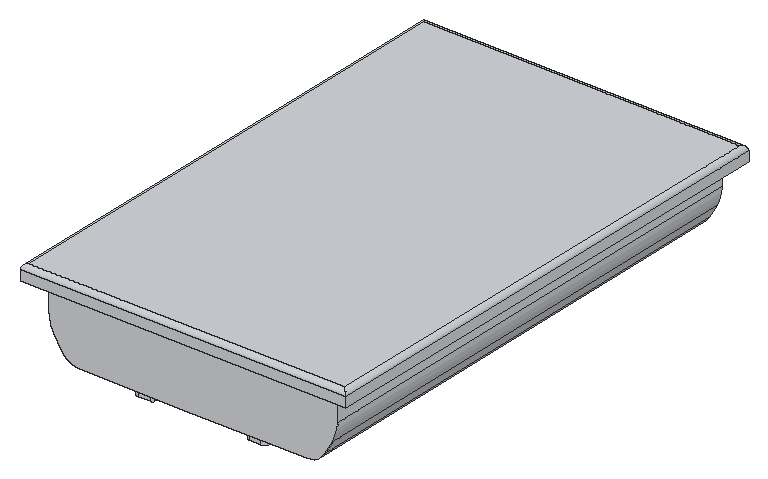
Revit family "Shower-Interface-KOHLER-DTV-K-99693", category Specialty Equipment, host Face, Revit 2015
Parameters (values of type "NA-Stainless Steel")
  Width = 3 5/16"  # constant formula
  WaterSense Certified = 1 = 0  # no
  URL = "https://www.us.kohler.com/us/"
  Product Page URL = "http://www.us.kohler.com/us/catalog/productDetails.jsp?productNumber=99693-P"
  Product Name = "DTV+"  # constant formula
  Product Documentation Link = "https://www.us.kohler.com/webassets/kpna/catalog/pdf/en/K-99693-P_spec.pdf"
  Model = "K-99693-P-NA"  # constant formula
  Material = "Premium Metal Construction"  # constant formula
  MasterFormat 2004 = "10.28.13"  # constant formula
  MasterFormat 1995 = "10820"  # constant formula
  Manufacturer Address = "444 Highland Dr, Kohler, WI 53044"  # constant formula
  Manufacturer = "KOHLER Co."  # constant formula
  Length = 1 1/16"  # constant formula
  Height = 5 1/8"  # constant formula
  Finish = Kohler-Metal-NA-Stainless
  Environmental Product Declaration = ""
  Description = "Digital Interface"  # constant formula
  Default Elevation = 42"
  Declare Label = ""
  Date Modified = "10/22/2019"  # constant formula
  Date Created = "10/22/2019"  # constant formula
  Copyright = "Copyright KOHLER Co."  # constant formula
  Contact Us = "https://www.us.kohler.com/us/static/contact.jsp"
  Assembly Code = "C1030200"
  ADA Compliant = 1 = 0  # no
Reference planes (in)
  plane 1 "Center (Front/Back)": y = 0
  plane 2: z = 0
  plane 3 "Center (Left/Right)": x = 0
  plane 4: y = 2.5625
  plane 5: y = -2.5625
  plane 6: x = -1.65625
  plane 7: x = 1.65625
  plane 8: z = 0.6875
  plane 9: z = -0.375
  plane 10: x = -1.46875
  plane 11: x = 1.46875
Forms (in)
  Extrusion 1, void
    sketch origin (0, 0, 0) x (1, 0, 0) y (0, 1, 0)
      loop
        line (-1.16013, 2.45709) -> (-1.16013, -2.43264) -> (1.16013, -2.43264) -> (1.16013, 2.45709) -> (-1.16013, 2.45709)
    from -0.44769 to 0.6875
Dimensions and locks (in)
  "Width": plane 6 to plane 7
  "Height": plane 5 to plane 4
  "Length": plane 8 to plane 9
  locked: plane 11 to plane 10 at 2.9375
  aligned and locked: plane 2 to host face
  aligned and locked: level to host face
Automatic sketch dimensions
  host sketch curve to host sketch curve = 96"  (x2)
  plane 5 to Extrusion 1 sketch curve = 0.12986"
  plane 10 to Extrusion 1 sketch curve = 0.30862"
  plane 11 to Extrusion 1 sketch curve = 0.30862"
  plane 4 to Extrusion 1 sketch curve = 0.10541"
Nested families (in)
  nested 1: "K-99693" at (0, 0, 0), type "K-99693"
Definition of nested family "K-99693"
  Parameters (values of type "K-99693")
    Material = none
  Reference planes (in)
    plane 1 "Center (Front/Back)": y = 0
    plane 2: z = 0
    plane 3 "Center (Left/Right)": x = 0
    plane 4: y = 2.5625
    plane 5: y = -2.5625
    plane 6: x = 1.65625
    plane 7: x = -1.65625
    plane 8: z = 0.6875
    plane 9: z = -0.375
    plane 10: x = 1.46875
    plane 11: x = -1.46875
  Forms (in)
    Sweep 1, solid, material <- "Material", detail levels medium+fine
      path origin (0, 0, -0.375) x (1, 0, 0) y (0, 1, 0)
        loop
          line (-1.65625, 2.5625) -> (-1.65625, -2.5625) -> (1.65625, -2.5625) -> (1.65625, 2.5625) -> (-1.65625, 2.5625)
      profile origin (0, 2.5625, -0.375) x (0, 1, 0) y (0, 0, 1)
        loop
          line (0, 1.0625) -> (0, 1.16321)
          arc (0, 1.16321) -> (-0.01487, 1.19912) -> (-0.05078, 1.214) r 0.05078
          line (-0.05078, 1.214) -> (-0.10187, 1.214) -> (-0.10187, 1.0625) -> (0, 1.0625)
    Extrusion 2, solid, material <- "Material", detail levels medium+fine
      sketch origin (0, 0, -0.375) x (1, 0, 0) y (0, 1, 0)
        loop
          line (-1.55438, -2.46063) -> (1.55438, -2.46063) -> (1.55438, 2.46063) -> (-1.55438, 2.46063) -> (-1.55438, -2.46063)
      from 1.0625 to 1.214
    Extrusion 3, solid, material <- "Material", detail levels medium+fine
      sketch origin (0, 0, -0.375) x (1, 0, 0) y (0, 0, 1)
        loop
          line (0, 0.375) -> (1.15291, 0.375)
          arc (1.15291, 0.375) -> (1.26004, 0.40369) -> (1.33852, 0.48207) r 0.21441
          line (1.33852, 0.48207) -> (1.41698, 0.61776)
          arc (1.41698, 0.61776) -> (1.45534, 0.71021) -> (1.46842, 0.80945) r 0.3829
          line (1.46842, 0.80945) -> (1.46875, 1.03162)
          arc (1.46875, 1.03162) -> (1.47779, 1.05346) -> (1.49963, 1.0625) r 0.03088
          line (1.49963, 1.0625) -> (-1.49963, 1.0625)
          arc (-1.49963, 1.0625) -> (-1.47779, 1.05346) -> (-1.46842, 1.03162) r 0.03088
          line (-1.46842, 1.03162) -> (-1.46842, 0.80945)
          arc (-1.46842, 0.80945) -> (-1.45534, 0.71021) -> (-1.41698, 0.61776) r 0.3829
          line (-1.41698, 0.61776) -> (-1.33852, 0.48207)
          arc (-1.33852, 0.48207) -> (-1.26004, 0.40369) -> (-1.15291, 0.375) r 0.21441
          line (-1.15291, 0.375) -> (0, 0.375)
      from -2.45709 to 2.43264
    Extrusion 4, solid, material <- "Material", detail levels medium+fine
      sketch origin (0, -0.17268, 0.35061) x (1, 0, 0) y (0, 0.275637, 0.961262)
        loop
          line (0.89107, 0.72876) -> (0.89101, 0.92543)
          arc (0.89101, 0.92543) -> (0.87907, 0.95424) -> (0.85025, 0.96617) r 0.04076
          line (0.85025, 0.96617) -> (0.74881, 0.96617)
          arc (0.74881, 0.96617) -> (0.72066, 0.95451) -> (0.70899, 0.92637) r 0.03982
          line (0.70899, 0.92637) -> (0.70893, 0.7457)
          arc (0.70893, 0.7457) -> (0.71365, 0.69874) -> (0.72764, 0.65367) r 0.23546
          line (0.72764, 0.65367) -> (0.76049, 0.65367)
          arc (0.76049, 0.65367) -> (0.77514, 0.68995) -> (0.78013, 0.72876) r 0.15318
          line (0.78013, 0.72876) -> (0.78008, 0.89415) -> (0.81898, 0.89415) -> (0.81893, 0.72876)
          arc (0.81893, 0.72876) -> (0.82392, 0.68995) -> (0.83857, 0.65367) r 0.15318
          line (0.83857, 0.65367) -> (0.87143, 0.65367)
          arc (0.87143, 0.65367) -> (0.88608, 0.68995) -> (0.89107, 0.72876) r 0.15318
      from -2.53557 to -2.43545
    Extrusion 5, solid, material <- "Material", detail levels medium+fine
      sketch origin (0, -0.17268, 0.35061) x (-1, 0, 0) y (0, -0.275637, -0.961262)
        loop
          arc (0.89107, -0.72876) -> (0.88608, -0.68995) -> (0.87143, -0.65367) r 0.15318
          line (0.87143, -0.65367) -> (0.83857, -0.65367)
          arc (0.83857, -0.65367) -> (0.82392, -0.68995) -> (0.81893, -0.72876) r 0.15318
          line (0.81893, -0.72876) -> (0.81898, -0.89415) -> (0.78008, -0.89415) -> (0.78013, -0.72876)
          arc (0.78013, -0.72876) -> (0.77514, -0.68995) -> (0.76049, -0.65367) r 0.15318
          line (0.76049, -0.65367) -> (0.72764, -0.65367)
          arc (0.72764, -0.65367) -> (0.71365, -0.69874) -> (0.70893, -0.7457) r 0.23546
          line (0.70893, -0.7457) -> (0.70899, -0.92637)
          arc (0.70899, -0.92637) -> (0.72066, -0.95451) -> (0.74881, -0.96617) r 0.03982
          line (0.74881, -0.96617) -> (0.85025, -0.96617)
          arc (0.85025, -0.96617) -> (0.87907, -0.95424) -> (0.89101, -0.92543) r 0.04076
          line (0.89101, -0.92543) -> (0.89107, -0.72876)
      from -2.53557 to -2.43545
    Revolve 6, solid, material <- "Material", detail levels medium+fine
      sketch origin (0, 0, -0.375) x (0, 1, 0) y (0, 0, 1)
        loop
          line (0, 0) -> (0, 0.375) -> (-0.5269, 0.375) -> (-0.5269, 0.18624)
          arc (-0.5269, 0.18624) -> (-0.52386, 0.17095) -> (-0.5152, 0.15798) r 0.03997
          line (-0.5152, 0.15798) -> (-0.487, 0.12979)
          arc (-0.487, 0.12979) -> (-0.47395, 0.12106) -> (-0.45855, 0.118) r 0.04025
          line (-0.45855, 0.118) -> (-0.39903, 0.118)
          arc (-0.39903, 0.118) -> (-0.38369, 0.11165) -> (-0.37734, 0.09631) r 0.02169
          line (-0.37734, 0.09631) -> (-0.37734, 0.02076)
          arc (-0.37734, 0.02076) -> (-0.37126, 0.00608) -> (-0.35657, 0) r 0.02076
          line (-0.35657, 0) -> (0, 0)
        axis (0, 0.375) -> (0, 0)
      angle from 0 to 360
    Extrusion 7, void
      sketch origin (0, 0, -0.375) x (1, 0, 0) y (0, 1, 0)
        loop
          line (0.1875, -0.96879) -> (-0.1875, -0.96879)
          arc (-0.1875, -0.96879) -> (-0.44371, -1.225) -> (-0.1875, -1.48121) r 0.25621
          line (-0.1875, -1.48121) -> (0.1875, -1.48121)
          arc (0.1875, -1.48121) -> (0.44371, -1.225) -> (0.1875, -0.96879) r 0.25621
        loop
          line (-0.25621, 1.462) -> (-0.25621, 1.087)
          arc (-0.25621, 1.087) -> (0, 0.83079) -> (0.25621, 1.087) r 0.25621
          line (0.25621, 1.087) -> (0.25621, 1.462)
          arc (0.25621, 1.462) -> (0, 1.71821) -> (-0.25621, 1.462) r 0.25621
      from 0.30601 to 0.455
    Extrusion 8, solid, material <- "Material", detail levels medium+fine
      sketch origin (0, 0, -0.375) x (1, 0, 0) y (0, 1, 0)
        loop
          line (0.67249, -2.29904) -> (0.67249, -1.82564)
          arc (0.67249, -1.82564) -> (0.6499, -1.7711) -> (0.59536, -1.74851) r 0.07713
          line (0.59536, -1.74851) -> (-0.59436, -1.74851)
          arc (-0.59436, -1.74851) -> (-0.64961, -1.77139) -> (-0.67249, -1.82664) r 0.07813
          line (-0.67249, -1.82664) -> (-0.67249, -2.30082)
          arc (-0.67249, -2.30082) -> (-0.65874, -2.33401) -> (-0.62556, -2.34776) r 0.04693
          line (-0.62556, -2.34776) -> (-0.50404, -2.34776)
          arc (-0.50404, -2.34776) -> (-0.48509, -2.33991) -> (-0.47724, -2.32096) r 0.0268
          line (-0.47724, -2.32096) -> (-0.47724, -1.99411)
          arc (-0.47724, -1.99411) -> (-0.48541, -1.97441) -> (-0.50511, -1.96624) r 0.02787
          line (-0.50511, -1.96624) -> (-0.55899, -1.96624)
          arc (-0.55899, -1.96624) -> (-0.57402, -1.96002) -> (-0.58024, -1.94499) r 0.02126
          line (-0.58024, -1.94499) -> (-0.58024, -1.84745)
          arc (-0.58024, -1.84745) -> (-0.57008, -1.82292) -> (-0.54555, -1.81276) r 0.03469
          line (-0.54555, -1.81276) -> (0.54654, -1.81276)
          arc (0.54654, -1.81276) -> (0.57107, -1.82292) -> (0.58124, -1.84745) r 0.03469
          line (0.58124, -1.84745) -> (0.58124, -1.94499)
          arc (0.58124, -1.94499) -> (0.57501, -1.96002) -> (0.55998, -1.96624) r 0.02126
          line (0.55998, -1.96624) -> (0.50611, -1.96624)
          arc (0.50611, -1.96624) -> (0.4864, -1.97441) -> (0.47824, -1.99411) r 0.02787
          line (0.47824, -1.99411) -> (0.47824, -2.32096)
          arc (0.47824, -2.32096) -> (0.48608, -2.33991) -> (0.50503, -2.34776) r 0.0268
          line (0.50503, -2.34776) -> (0.62377, -2.34776)
          arc (0.62377, -2.34776) -> (0.65822, -2.33349) -> (0.67249, -2.29904) r 0.04871
      from 0.275 to 0.375
    Extrusion 9, solid, material <- "Material", detail levels coarse
      sketch origin (0, 0, 0) x (1, 0, 0) y (0, 1, 0)
        loop
          line (-1.65625, 2.5625) -> (-1.65625, -2.5625) -> (1.65625, -2.5625) -> (1.65625, 2.5625) -> (-1.65625, 2.5625)
      from 0 to 0.83912
    Extrusion 10, solid, material <- "Material", detail levels coarse
      sketch origin (0, 0, 0) x (1, 0, 0) y (0, 1, 0)
        loop
          circle (0, 0) r 0.5269
      from -0.37632 to 0
  Cuts and joins
    Extrusion 7 cuts Extrusion 3
    joined: Sweep 1, Extrusion 2
    joined: Extrusion 9, Extrusion 10
  Lines and regions (in)
    Masking region 1
      outline origin (0, 0, 0) x (1, 0, 0) y (0, 1, 0)
        loop
          arc (-1.62574, 2.5625) -> (-1.64731, 2.55356) -> (-1.65625, 2.53199) r 0.03051
          line (-1.65625, 2.53199) -> (-1.65625, -2.53125)
          arc (-1.65625, -2.53125) -> (-1.6471, -2.55335) -> (-1.625, -2.5625) r 0.03125
          line (-1.625, -2.5625) -> (1.625, -2.5625)
          arc (1.625, -2.5625) -> (1.6471, -2.55335) -> (1.65625, -2.53125) r 0.03125
          line (1.65625, -2.53125) -> (1.65625, 2.53125)
          arc (1.65625, 2.53125) -> (1.6471, 2.55335) -> (1.625, 2.5625) r 0.03125
          line (1.625, 2.5625) -> (-1.62574, 2.5625)
    Masking region 2
      outline origin (0, 0, -0.375) x (0, 1, 0) y (0, 0, 1)
        loop
          arc (2.5625, 1.16616) -> (2.54849, 1.19998) -> (2.51466, 1.214) r 0.04784
          line (2.51466, 1.214) -> (-2.51549, 1.214)
          arc (-2.51549, 1.214) -> (-2.54873, 1.20023) -> (-2.5625, 1.16699) r 0.04701
          line (-2.5625, 1.16699) -> (-2.5625, 1.0625) -> (-2.43264, 1.0625) -> (-2.43264, 0.375) -> (-2.34776, 0.375) -> (-2.34776, 0.275) -> (-1.74851, 0.275) -> (-1.74851, 0.375) -> (-0.5269, 0.375) -> (-0.5269, 0.18669)
          arc (-0.5269, 0.18669) -> (-0.52373, 0.17074) -> (-0.5147, 0.15722) r 0.04167
          line (-0.5147, 0.15722) -> (-0.48761, 0.13013)
          arc (-0.48761, 0.13013) -> (-0.47424, 0.1212) -> (-0.45847, 0.11806) r 0.04121
          line (-0.45847, 0.11806) -> (-0.40016, 0.11806)
          arc (-0.40016, 0.11806) -> (-0.38404, 0.11139) -> (-0.37736, 0.09527) r 0.02279
          line (-0.37736, 0.09527) -> (-0.37736, 0.02099)
          arc (-0.37736, 0.02099) -> (-0.37121, 0.00615) -> (-0.35637, 0) r 0.02099
          line (-0.35637, 0) -> (0, 0) -> (0.35637, 0)
          arc (0.35637, 0) -> (0.37121, 0.00615) -> (0.37736, 0.02099) r 0.02099
          line (0.37736, 0.02099) -> (0.37736, 0.09527)
          arc (0.37736, 0.09527) -> (0.38404, 0.11139) -> (0.40016, 0.11806) r 0.02279
          line (0.40016, 0.11806) -> (0.45847, 0.11806)
          arc (0.45847, 0.11806) -> (0.47424, 0.1212) -> (0.48761, 0.13013) r 0.04121
          line (0.48761, 0.13013) -> (0.5147, 0.15722)
          arc (0.5147, 0.15722) -> (0.52373, 0.17074) -> (0.5269, 0.18669) r 0.04167
          line (0.5269, 0.18669) -> (0.5269, 0.375) -> (2.45709, 0.375) -> (2.45709, 0.69779) -> (2.53098, 0.95546) -> (2.45709, 0.97673) -> (2.45709, 1.0625) -> (2.5625, 1.0625) -> (2.5625, 1.16616)
    Masking region 3
      outline origin (0, 0, -0.375) x (1, 0, 0) y (0, 0, 1)
        loop
          line (1.65625, 1.0625) -> (1.65625, 1.16273)
          arc (1.65625, 1.16273) -> (1.64129, 1.19884) -> (1.60519, 1.21379) r 0.05106
          line (1.60519, 1.21379) -> (0, 1.21379) -> (-1.60519, 1.21379)
          arc (-1.60519, 1.21379) -> (-1.64129, 1.19884) -> (-1.65625, 1.16273) r 0.05106
          line (-1.65625, 1.16273) -> (-1.65625, 1.0625) -> (-1.5, 1.0625)
          arc (-1.5, 1.0625) -> (-1.4779, 1.05335) -> (-1.46875, 1.03125) r 0.03125
          line (-1.46875, 1.03125) -> (-1.46875, 0.80326)
          arc (-1.46875, 0.80326) -> (-1.45567, 0.70403) -> (-1.41731, 0.61157) r 0.3829
          line (-1.41731, 0.61157) -> (-1.34242, 0.48207)
          arc (-1.34242, 0.48207) -> (-1.26395, 0.40369) -> (-1.15681, 0.375) r 0.21441
          line (-1.15681, 0.375) -> (-0.67249, 0.375) -> (-0.67249, 0.275) -> (-0.52695, 0.275) -> (-0.52695, 0.18973)
          arc (-0.52695, 0.18973) -> (-0.52332, 0.17147) -> (-0.51298, 0.156) r 0.04771
          line (-0.51298, 0.156) -> (-0.48665, 0.12967)
          arc (-0.48665, 0.12967) -> (-0.47368, 0.121) -> (-0.45838, 0.11796) r 0.03998
          line (-0.45838, 0.11796) -> (-0.40001, 0.11796)
          arc (-0.40001, 0.11796) -> (-0.38398, 0.11132) -> (-0.37734, 0.09529) r 0.02266
          line (-0.37734, 0.09529) -> (-0.37734, 0.02425)
          arc (-0.37734, 0.02425) -> (-0.37024, 0.0071) -> (-0.35309, 0) r 0.02425
          line (-0.35309, 0) -> (0, 0) -> (0.35309, 0)
          arc (0.35309, 0) -> (0.37024, 0.0071) -> (0.37734, 0.02425) r 0.02425
          line (0.37734, 0.02425) -> (0.37734, 0.09529)
          arc (0.37734, 0.09529) -> (0.38398, 0.11132) -> (0.40001, 0.11796) r 0.02266
          line (0.40001, 0.11796) -> (0.45838, 0.11796)
          arc (0.45838, 0.11796) -> (0.47368, 0.121) -> (0.48665, 0.12967) r 0.03998
          line (0.48665, 0.12967) -> (0.51298, 0.156)
          arc (0.51298, 0.156) -> (0.52332, 0.17147) -> (0.52695, 0.18973) r 0.04771
          line (0.52695, 0.18973) -> (0.52695, 0.275) -> (0.67249, 0.275) -> (0.67249, 0.375) -> (1.15681, 0.375)
          arc (1.15681, 0.375) -> (1.26395, 0.40369) -> (1.34242, 0.48207) r 0.21441
          line (1.34242, 0.48207) -> (1.41731, 0.61157)
          arc (1.41731, 0.61157) -> (1.45567, 0.70403) -> (1.46875, 0.80326) r 0.3829
          line (1.46875, 0.80326) -> (1.46875, 1.03162)
          arc (1.46875, 1.03162) -> (1.47779, 1.05346) -> (1.49963, 1.0625) r 0.03088
          line (1.49963, 1.0625) -> (1.65625, 1.0625)
    symbolic lines, detail levels medium+fine
      curve 1: line (-1.60558, 2.51181, 0) -> (1.60558, 2.51181, 0)
      curve 2: line (1.60558, 2.51181, 0) -> (1.60558, -2.51181, 0)
      curve 3: line (1.60558, -2.51181, 0) -> (-1.60558, -2.51181, 0)
      curve 4: line (-1.60558, -2.51181, 0) -> (-1.60558, 2.51181, 0)
      curve 5: line (0, 2.45709, 0.6875) -> (0, -2.43264, 0.6875)
      curve 6: line (0, 0.5269, 0) -> (0, -0.5269, 0)
      curve 7: line (0, 0.40016, -0.25694) -> (0, -0.40016, -0.25694)
      curve 8: line (0, -1.74851, 0) -> (0, -2.34776, 0)
      curve 9: line (0, 2.45709, 0.60164) -> (0, 2.45709, 0.32279)
      curve 10: line (1.5578, 0, 0.6875) -> (-1.5578, 0, 0.6875)
      curve 11: line (0.67249, 0, 0) -> (-0.67249, 0, 0)
      curve 12: line (0.40001, 0, -0.25704) -> (-0.40001, 0, -0.25704)
      curve 13: line (0.52695, 0, -0.1) -> (0.52695, 0, 0)
      curve 14: line (-0.52695, 0, -0.1) -> (-0.52695, 0, 0)
      curve 15: line (0.74881, 0, 0.58046) -> (0.85025, 0, 0.58046)
      curve 16: line (0.89101, 0, 0.54129) -> (0.89107, 0, 0.35225)
      curve 17: line (0.70893, 0, 0.35222) -> (0.70899, 0, 0.54219)
      curve 18: spline (0.85025, 0, 0.58046) -> (0.85557, 0, 0.58012) -> (0.8608, 0, 0.57912) -> (0.86585, 0, 0.57748) -> (0.87063, 0, 0.57521) -> (0.87506, 0, 0.57236) -> (0.87907, 0, 0.56899) -> (0.88258, 0, 0.56513) -> (0.88555, 0, 0.56087) -> (0.8879, 0, 0.55628) -> (0.88962, 0, 0.55143) -> (0.89066, 0, 0.5464) -> (0.89101, 0, 0.54129)
      curve 19: spline (0.70899, 0, 0.54219) -> (0.70933, 0, 0.54719) -> (0.71035, 0, 0.5521) -> (0.71202, 0, 0.55684) -> (0.71433, 0, 0.56133) -> (0.71722, 0, 0.56549) -> (0.72066, 0, 0.56925) -> (0.72457, 0, 0.57255) -> (0.7289, 0, 0.57533) -> (0.73357, 0, 0.57754) -> (0.7385, 0, 0.57915) -> (0.74361, 0, 0.58013) -> (0.74881, 0, 0.58046)
      curve 20: spline (0.89107, 0, 0.35225) -> (0.89105, 0, 0.34977) -> (0.89099, 0, 0.3473) -> (0.89088, 0, 0.34483) -> (0.89073, 0, 0.34237) -> (0.89054, 0, 0.3399) -> (0.8903, 0, 0.33744) -> (0.89002, 0, 0.33498) -> (0.8897, 0, 0.33253) -> (0.88933, 0, 0.33009) -> (0.88893, 0, 0.32765) -> (0.88848, 0, 0.32521) -> (0.88798, 0, 0.32279)
      curve 21: line (0.88798, 0, 0.32279) -> (0.855, 0, 0.32279)
      curve 22: line (0.85195, 0, 0.54139) -> (0.85201, 0, 0.35223)
      curve 23: line (0.74805, 0, 0.54139) -> (0.85195, 0, 0.54139)
      curve 24: line (0.74799, 0, 0.35223) -> (0.74805, 0, 0.54139)
      curve 25: arc (0.85201, 0, 0.35223) -> (0.85276, 0, 0.33743) -> (0.855, 0, 0.32279) r 0.14686
      curve 26: spline (0.70893, 0, 0.35222) -> (0.70895, 0, 0.34975) -> (0.70901, 0, 0.34728) -> (0.70912, 0, 0.34482) -> (0.70927, 0, 0.34235) -> (0.70947, 0, 0.33989) -> (0.7097, 0, 0.33743) -> (0.70998, 0, 0.33497) -> (0.7103, 0, 0.33252) -> (0.71067, 0, 0.33008) -> (0.71108, 0, 0.32764) -> (0.71152, 0, 0.32521) -> (0.71202, 0, 0.32279)
      curve 27: line (0.71202, 0, 0.32279) -> (0.745, 0, 0.32279)
      curve 28: arc (0.74799, 0, 0.35223) -> (0.74724, 0, 0.33743) -> (0.745, 0, 0.32279) r 0.14686
      curve 29: line (-0.74881, 0, 0.58046) -> (-0.85025, 0, 0.58046)
      curve 30: line (-0.89101, 0, 0.54129) -> (-0.89107, 0, 0.35225)
      curve 31: line (-0.70893, 0, 0.35222) -> (-0.70899, 0, 0.54219)
      curve 32: spline (-0.85025, 0, 0.58046) -> (-0.85557, 0, 0.58012) -> (-0.8608, 0, 0.57912) -> (-0.86585, 0, 0.57748) -> (-0.87063, 0, 0.57521) -> (-0.87506, 0, 0.57236) -> (-0.87907, 0, 0.56899) -> (-0.88258, 0, 0.56513) -> (-0.88555, 0, 0.56087) -> (-0.8879, 0, 0.55628) -> (-0.88962, 0, 0.55143) -> (-0.89066, 0, 0.5464) -> (-0.89101, 0, 0.54129)
      curve 33: spline (-0.70899, 0, 0.54219) -> (-0.70933, 0, 0.54719) -> (-0.71035, 0, 0.5521) -> (-0.71202, 0, 0.55684) -> (-0.71433, 0, 0.56133) -> (-0.71722, 0, 0.56549) -> (-0.72066, 0, 0.56925) -> (-0.72457, 0, 0.57255) -> (-0.7289, 0, 0.57533) -> (-0.73357, 0, 0.57754) -> (-0.7385, 0, 0.57915) -> (-0.74361, 0, 0.58013) -> (-0.74881, 0, 0.58046)
      curve 34: spline (-0.89107, 0, 0.35225) -> (-0.89105, 0, 0.34977) -> (-0.89099, 0, 0.3473) -> (-0.89088, 0, 0.34483) -> (-0.89073, 0, 0.34237) -> (-0.89054, 0, 0.3399) -> (-0.8903, 0, 0.33744) -> (-0.89002, 0, 0.33498) -> (-0.8897, 0, 0.33253) -> (-0.88933, 0, 0.33009) -> (-0.88893, 0, 0.32765) -> (-0.88848, 0, 0.32521) -> (-0.88798, 0, 0.32279)
      curve 35: line (-0.88798, 0, 0.32279) -> (-0.855, 0, 0.32279)
      curve 36: line (-0.85195, 0, 0.54139) -> (-0.85201, 0, 0.35223)
      curve 37: line (-0.74805, 0, 0.54139) -> (-0.85195, 0, 0.54139)
      curve 38: line (-0.74799, 0, 0.35223) -> (-0.74805, 0, 0.54139)
      curve 39: arc (-0.85201, 0, 0.35223) -> (-0.85276, 0, 0.33743) -> (-0.855, 0, 0.32279) r 0.14686
      curve 40: spline (-0.70893, 0, 0.35222) -> (-0.70895, 0, 0.34975) -> (-0.70901, 0, 0.34728) -> (-0.70912, 0, 0.34482) -> (-0.70927, 0, 0.34235) -> (-0.70947, 0, 0.33989) -> (-0.7097, 0, 0.33743) -> (-0.70998, 0, 0.33497) -> (-0.7103, 0, 0.33252) -> (-0.71067, 0, 0.33008) -> (-0.71108, 0, 0.32764) -> (-0.71152, 0, 0.32521) -> (-0.71202, 0, 0.32279)
      curve 41: line (-0.71202, 0, 0.32279) -> (-0.745, 0, 0.32279)
      curve 42: arc (-0.74799, 0, 0.35223) -> (-0.74724, 0, 0.33743) -> (-0.745, 0, 0.32279) r 0.14686
  Dimensions and locks (in)
    aligned and locked: plane 2 to level
